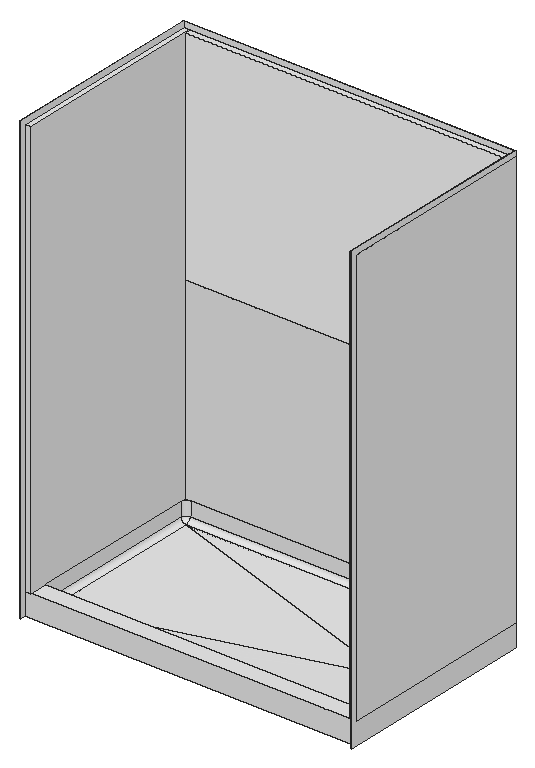
Revit family "5LBS6036FBSQ.V2 L-R", category Plumbing Fixtures, Revit 2019
Family settings
  Round Connector Dimension = Use Diameter
  Part Type = Normal
  OmniClass Number = 23.45.05.14.17
  OmniClass Title = Showers
  Work Plane-Based = No
  Always vertical = Yes
  Cut with Voids When Loaded = No
  Shared = No
  Room Calculation Point = No
Parameters (values of type "5LBS6030FBSQ.V2")
  Unit Width = 60"
  Unit Height = 80 1/2"
  Unit Depth = 37"
  URL = "http://www.bestbath.com/"
  Type Comments = "Remodeler"
  Model = "5LBS6030FBSQ.V2"
  Material [instance] = Best Bath Gelcoat Fiberglass - Smooth
  Manufacturer = "Best Bath Systems, Inc."
  Keynote = "22 40 00.B3"
  Description = "4 x 8 Subway Tile Finish"
  Assembly Code = "D2010710"
Reference planes (in)
  plane 1 "Back": y = -0.5
  plane 2: z = 0
  plane 3 "Left": x = 0
  plane 4: x = 60
  plane 5: z = 4
  plane 6: x = 51.5
  plane 7: y = 35.5
  plane 8: y = 17.5
  plane 9: x = 1.25
  plane 10: x = 58.75
  plane 11: y = 34.25
  plane 12: z = 0.625
  plane 13: z = 0.25
  plane 14: y = -1.5
  plane 15: z = 5
  plane 16: z = 39.5
  plane 17: z = 80.5
Forms (in)
  Extrusion 1, solid, material "Best Bath Gelcoat Fiberglass - Smooth"
    sketch origin (0, 0, 0) x (1, 0, 0) y (0, 1, 0)
      loop
        line (0, -0.5) -> (1.25, -0.5) -> (1.25, 33.25)
        arc (1.25, 33.25) -> (1.54289, 33.95711) -> (2.25, 34.25) r 1
        line (2.25, 34.25) -> (57.75, 34.25)
        arc (57.75, 34.25) -> (58.45711, 33.95711) -> (58.75, 33.25) r 1
        line (58.75, 33.25) -> (58.75, -0.5) -> (60, -0.5) -> (60, 35.5) -> (0, 35.5) -> (0, -0.5)
    from 0 to 4
  Extrusion 2, solid, material "Best Bath Gelcoat Fiberglass - Smooth"
    sketch origin (0, 0, 0) x (1, 0, 0) y (0, 1, 0)
      loop
        line (0, -0.5) -> (60, -0.5) -> (60, 35.5) -> (0, 35.5) -> (0, -0.5)
    from 0 to 0.625
  Sweep 3, solid, material "Best Bath Gelcoat Fiberglass - Smooth"
    path origin (0, 0, 0) x (1, 0, 0) y (0, 1, 0)
      loop
        line (58.75, -0.5) -> (58.75, 33.25)
        arc (58.75, 33.25) -> (58.45711, 33.95711) -> (57.75, 34.25) r 1
        line (57.75, 34.25) -> (2.25, 34.25)
        arc (2.25, 34.25) -> (1.54289, 33.95711) -> (1.25, 33.25) r 1
        line (1.25, 33.25) -> (1.25, -0.5)
    profile origin (1.25, 16.375, 0) x (1, 0, 0) y (0, 0, 1)
      loop
        line (0, 0.625) -> (0.9, 0.625)
        arc (0.9, 0.625) -> (0.2636, 0.8886) -> (0, 1.525) r 0.9
        line (0, 1.525) -> (0, 0.625)
  Blend 4, void
    base sketch origin (0, 0, 0) x (1, 0, 0) y (0, 1, 0)
      loop
        line (2.25, 3.5147) -> (57.75, 3.5147) -> (57.75, 33.25) -> (2.25, 33.25) -> (2.25, 3.5147)
    top sketch origin (0, 0, 0) x (1, 0, 0) y (0, 1, 0)
      loop
        circle (51.5, 17.5) r 0.10467
    from 0.625 to 0.25
  Sweep 5, solid, material "Best Bath Gelcoat Fiberglass - Smooth"
    path origin (0, 0, 0) x (1, 0, 0) y (0, 1, 0)
      loop
        line (1.25, -0.5) -> (58.75, -0.5)
    profile origin (30, -0.5, 0) x (0, 1, 0) y (0, 0, 1)
      loop
        line (0, 4) -> (0, 0) -> (4.11592, 0) -> (3.00305, 4) -> (0, 4)
  Extrusion 6, solid, material "Best Bath Gelcoat Fiberglass - Smooth"
    sketch origin (0, 0, 0) x (1, 0, 0) y (0, 1, 0)
      loop
        line (0, -1.5) -> (0.125, -1.5) -> (0.125, 35.375) -> (59.875, 35.375) -> (59.875, -1.5) -> (60, -1.5) -> (60, 35.5) -> (0, 35.5) -> (0, -1.5)
    from 5 to 80.5
  Extrusion 7, void
    sketch origin (0, 6, 0.625) x (0, 1, 0) y (1, 0, 0)
      loop
        line (15.5, 49) -> (15.5, 54) -> (7.5, 54) -> (7.5, 49) -> (15.5, 49)
    from 0 to 0.5
  Extrusion 8, void
    sketch origin (21.5, -4, 0.625) x (0, 1, 0) y (1, 0, 0)
      loop
        circle (21.5, 30) r 1.75
    from 0 to 1.25
  Extrusion 9, solid
    sketch origin (0.25, 2, 0.125) x (0, 1, 0) y (-1, 0, 0)
      loop
        line (19.5, -48.75) -> (11.5, -48.75) -> (11.5, -53.75) -> (19.5, -53.75) -> (19.5, -48.75)
    from 0 to 0.25
  Extrusion 10, solid, material "Best Bath Gelcoat Fiberglass - Smooth"
    sketch origin (0, -0.86165, 0) x (1, 0, 0) y (0, 1, 0)
      loop
        line (1.25, 36.36165) -> (1.25, 35.11165) -> (58.75, 35.11165) -> (58.75, 36.36165) -> (1.25, 36.36165)
    from 4 to 39.5
  Extrusion 11, solid, material "Best Bath Gelcoat Fiberglass - Smooth"
    sketch origin (0, -0.86165, 0) x (1, 0, 0) y (0, 1, 0)
      loop
        line (1.25, 36.36165) -> (1.25, 35.11165) -> (58.75, 35.11165) -> (58.75, 36.36165) -> (1.25, 36.36165)
    from 39.5 to 79.5
  Extrusion 12, solid, material "Best Bath Gelcoat Fiberglass - Smooth"
    sketch origin (0.25, -0.86165, 0) x (1, 0, 0) y (0, 1, 0)
      loop
        line (-0.25, 0.36165) -> (1, 0.36165) -> (1, 36.36165) -> (-0.25, 36.36165) -> (-0.25, 0.36165)
      loop
        line (59.75, 0.36165) -> (59.75, 36.36165) -> (58.5, 36.36165) -> (58.5, 0.36165) -> (59.75, 0.36165)
    from 4 to 79.5
  Extrusion 13, solid, material "Best Bath Gelcoat Fiberglass - Smooth"
    sketch origin (0, 0, 0) x (1, 0, 0) y (0, 1, 0)
      loop
        line (0, 35.5) -> (0, -1.5) -> (0.125, -1.5) -> (0.125, 35.375) -> (59.875, 35.375) -> (59.875, -1.5) -> (60, -1.5) -> (60, 35.5) -> (0, 35.5)
    from 0 to 5
Cuts and joins
  Blend 4, Extrusion 7, Extrusion 8 cuts Extrusion 1
  Blend 4, Extrusion 7, Extrusion 8 cuts Extrusion 2
  Blend 4, Extrusion 7, Extrusion 8 cuts Sweep 3
  Extrusion 7, Extrusion 8 cuts Sweep 5
  Extrusion 7, Extrusion 8 cuts Extrusion 6
  joined: Extrusion 1, Extrusion 2, Sweep 3, Sweep 5, Extrusion 6, Extrusion 13
Dimensions and locks (in)
  "Unit Width": plane 3 "Left" to plane 4
  locked: plane 7 to plane 11 at 1.25
  locked: plane 10 to plane 4 at 1.25
  locked: plane 3 "Left" to plane 9 at 1.25
  locked: plane 7 to plane 8 at 18
  locked: plane 12 to plane 13 at 0.375
  locked: plane 12 to level at 0.625
  locked: plane 14 to plane 1 "Back" at 1
  "Unit Depth": plane 7 to plane 14
  "Unit Height": plane 17 to level
  locked: plane 16 to plane 5 at 35.5
  locked: plane 6 to plane 4 at 8.5
  aligned and locked: level to plane 2
  aligned and locked: Sweep 3 to plane 12
  aligned and locked: Sweep 3 sketch curve to plane 12
  aligned and locked: Extrusion 2 to plane 12
  aligned and locked: plane 8 to Blend 4 sketch curve
  aligned and locked: plane 6 to Blend 4 sketch curve
  aligned and locked: Extrusion 2 to Blend 4
  aligned and locked: Blend 4 to plane 13
  aligned and locked: plane 5 to Extrusion 1
  aligned and locked: plane 5 to Sweep 5
  aligned and locked: Extrusion 9 to cut or joined group 1 (Extrusion 1, Extrusion 2, Sweep 3, Blend 4, Sweep 5, Extrusion 6, Extrusion 7, Extrusion 8, Extrusion 13)  (x3)
  aligned and locked: cut or joined group 1 to Extrusion 9
  aligned and locked: Extrusion 11 to Extrusion 10
  aligned and locked: Extrusion 13 to Extrusion 6
  aligned and locked: plane 17 to Extrusion 6
Automatic sketch dimensions
  Extrusion 1 sketch curve to plane 3 "Left" = 0"
  Extrusion 1 sketch curve to plane 9 = 0"
  Extrusion 1 sketch curve to plane 11 = 0"
  plane 1 "Back" to Extrusion 1 sketch curve = 0"  (x2)
  Extrusion 1 sketch curve to plane 10 = 0"
  Extrusion 1 sketch curve to plane 4 = 0"
  Extrusion 1 sketch curve to plane 7 = 0"
  plane 9 to Extrusion 1 sketch curve = 1"
  Extrusion 1 sketch curve to plane 10 = 1"
  Extrusion 2 sketch curve to plane 3 "Left" = 0"
  Extrusion 2 sketch curve to plane 4 = 0"
  plane 1 "Back" to Extrusion 2 sketch curve = 0"
  Extrusion 2 sketch curve to plane 7 = 0"
  plane 1 "Back" to Sweep 3 sketch curve = 0"  (x2)
  Sweep 3 sketch curve to plane 9 = 0"
  Sweep 3 sketch curve to plane 11 = 0"
  Sweep 3 sketch curve to plane 10 = 0"
  plane 9 to Sweep 3 sketch curve = 1"
  Sweep 3 sketch curve to Sweep 3 sketch curve = 1"
  profile plane to Sweep 3 sketch curve = 0"
  Sweep 3 sketch curve to profile plane = 0.9"
  plane 9 to Blend 4 sketch curve = 1"
  Blend 4 sketch curve to plane 10 = 1"
  Blend 4 sketch curve to plane 1 "Back" = 4.0147"
  Blend 4 sketch curve to plane 11 = 1"
  plane 1 "Back" to Sweep 5 sketch curve = 0"
  Sweep 5 sketch curve to plane 9 = 0"
  Sweep 5 sketch curve to plane 10 = 0"
  Sweep 5 sketch curve to level = 0"
  Sweep 5 sketch curve to profile plane = 0"
  Sweep 5 sketch curve to Sweep 5 sketch curve = 3.00305"
  Sweep 5 sketch curve to Sweep 5 sketch curve = 4.11592"
  level to Sweep 5 sketch curve = 4"
  Extrusion 6 sketch curve to plane 3 "Left" = 0"
  Extrusion 6 sketch curve to plane 14 = 0"  (x2)
  Extrusion 6 sketch curve to plane 4 = 0"
  Extrusion 6 sketch curve to plane 7 = 0"
  plane 3 "Left" to Extrusion 6 sketch curve = 1/8"
  plane 4 to Extrusion 6 sketch curve = 1/8"
  Extrusion 6 sketch curve to plane 7 = 1/8"
  Extrusion 7 sketch curve to Extrusion 2 = 14"
  Extrusion 7 sketch curve to Extrusion 7 sketch curve = 8"
  Extrusion 7 sketch curve to Extrusion 2 = 6"
  Extrusion 7 sketch curve to Extrusion 7 sketch curve = 5"
  Extrusion 8 sketch curve to Extrusion 2 = 8 1/2"
  Extrusion 8 sketch curve to Extrusion 2 = 18"
  Extrusion 9 sketch curve to Extrusion 7 = 0"  (x4)
  Extrusion 10 sketch curve to plane 9 = 0"
  Extrusion 10 sketch curve to plane 10 = 0"
  Extrusion 10 sketch curve to plane 11 = 0"
  Extrusion 10 sketch curve to plane 7 = 0"
  Extrusion 11 sketch curve to plane 9 = 0"
  Extrusion 11 sketch curve to plane 10 = 0"
  Extrusion 11 sketch curve to plane 11 = 0"
  Extrusion 11 sketch curve to plane 7 = 0"
  Extrusion 12 sketch curve to plane 3 "Left" = 0"
  plane 1 "Back" to Extrusion 12 sketch curve = 0"  (x2)
  Extrusion 12 sketch curve to plane 9 = 0"
  Extrusion 12 sketch curve to plane 7 = 0"  (x2)
  Extrusion 12 sketch curve to plane 10 = 0"
  Extrusion 12 sketch curve to plane 4 = 0"
  Extrusion 13 sketch curve to plane 3 "Left" = 0"
  Extrusion 13 sketch curve to plane 14 = 0"  (x2)
  Extrusion 13 sketch curve to plane 4 = 0"
  Extrusion 13 sketch curve to plane 7 = 0"
  plane 3 "Left" to Extrusion 13 sketch curve = 1/8"
  plane 4 to Extrusion 13 sketch curve = 1/8"
  Extrusion 13 sketch curve to plane 7 = 1/8"
  radius of Blend 4 sketch curve = 0.10467"
  radius of Extrusion 8 sketch curve = 1 3/4"
